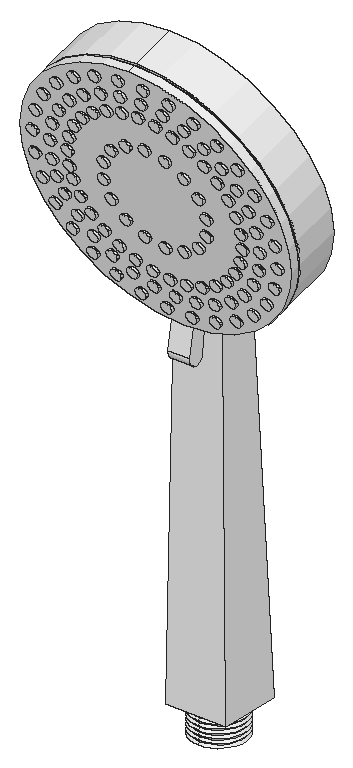
Revit family "Showerhead-American_Standard-Flowise-1660.641", category Plumbing Fixtures, Revit 2014
Parameters (values of type "1660.144")
  Width = 3 7/8"
  Waste Connection = no
  WFU = 4
  Vent Connection = no
  URL = "https://www.americanstandard-us.com/"
  Type Comments = ""
  Specification = "Hand Shower shall have at least 3 spray patterns. Hand Shower shall have a pressure compensating flow control device.\r\nHand Shower shall include check valve to prevent cross flow of hot and cold water."
  Product Page URL = "https://www.americanstandard-us.com/bathroom/shower-faucets/modern-3-function-hand-shower-23142"
  Product Documentation Link = "https://www.americanstandard-us.com/-/media/sites/asus/files/product-specs/bulk/specsheet1660144.pdf?la=en"
  Price = "Prices may vary. Please consult Manufacturer Representative for most up-to-date price list."  # constant formula
  NPT Connection Size = 3/4"
  Model = "1660.144"  # constant formula
  Material = "Brass-American Standard-002-Polished Chrome"
  Manufacturer = "American Standard"  # constant formula
  Height = 9 1/2"
  HWFU = 3
  HW Connection = no
  Flow Rate = "2.0gpm/ 7.6L/min."  # constant formula
  Finish = Brass-American Standard-002-Polished Chrome
  Description = "1660.144 Water Saving 3-Function Hand Shower"
  Default Elevation = 0"
  Creation Date = "5/30/2018"
  CWFU = 3
  CW Connection = no
  Assembly Code = "D2010700"
Reference planes (in)
  plane 1 "Center (Front/Back)": y = 0
  plane 2: z = 0
  plane 3 "Center (Left/Right)": x = 0
  plane 4: z = 9.5
  plane 5: x = 1.9375
  plane 6: x = -1.9375
Forms (in)
  Revolve 1, solid, material "Brass-American Standard-002-Polished Chrome" <- "Finish"
    sketch origin (0, 0, 0) x (0, 1, 0) y (0, 0, 1)
      loop
        line (0.31273, 0) -> (0.375, 0) -> (0.34386, 0.03114) -> (0.375, 0.06227) -> (0.34386, 0.09341) -> (0.375, 0.12455) -> (0.34386, 0.15569) -> (0.375, 0.18682) -> (0.34386, 0.21796) -> (0.375, 0.2491) -> (0.34386, 0.28024) -> (0.375, 0.31137) -> (0.34386, 0.34251) -> (0.375, 0.37365) -> (0.34386, 0.40479) -> (0.31273, 0.40479) -> (0.31273, 0)
      axis (0, 0) -> (0, 0.40479)
    angle from 0 to 360
  Blend 2, solid, material "Brass-American Standard-002-Polished Chrome" <- "Finish"
    base sketch origin (0, -0.10938, 0) x (1, 0, 0) y (0, 1, 0)
      loop
        line (-0.4375, 0.5612) -> (-0.4375, -0.3125) -> (0.4369, -0.3125) -> (0.4369, 0.5612) -> (-0.4375, 0.5612)
    top sketch origin (0, -0.10938, 0) x (1, 0, 0) y (0, 1, 0)
      loop
        line (-0.34672, 0.25326) -> (-0.34672, -0.27982) -> (0.37229, -0.27982) -> (0.37229, 0.25326) -> (-0.34672, 0.25326)
    from 0.40479 to 5.56223
  Sweep 3, solid, material "Brass-American Standard-002-Polished Chrome" <- "Finish"
    path origin (0, -1.54099, 8.92038) x (0, 0.258819, -0.965926) y (1, 0, 0)
      loop
        circle (1.4869, 0) r 1.9375
    profile origin (1.9375, -1.15615, 7.48414) x (-1, 0, 0) y (0, -0.965926, -0.258819)
      loop
        line (0, -0.79699) -> (1.17871, -0.79699) -> (1.17871, -0.00472) -> (0, -0.00472) -> (0, -0.13115) -> (0.0311, -0.13115) -> (0.0311, -0.16304) -> (0, -0.16304) -> (0, -0.79699)
  Blend 4, solid, material "Brass-American Standard-002-Polished Chrome" <- "Finish"
    base sketch origin (0, 3.00799, 5.56223) x (1, 0, 0) y (0, 1, 0)
      loop
        line (-0.34672, -2.8641) -> (-0.34672, -3.39718) -> (0.37229, -3.39718) -> (0.37229, -2.8641) -> (-0.34672, -2.8641)
    top sketch origin (0, 3.00799, 5.56223) x (1, 0, 0) y (0, 1, 0)
      loop
        line (-0.59601, -2.95824) -> (-0.59601, -3.50264) -> (0.59564, -3.50264) -> (0.59564, -2.95824) -> (-0.59601, -2.95824)
    from 0 to 0.37555
  Extrusion 5, solid, material "Brass-American Standard-002-Polished Chrome" <- "Finish"
    sketch origin (0, -1.63474, 9.29538) x (0, 0.258819, -0.965926) y (1, 0, 0)
      loop
        circle (1.87339, 0) r 0.75879
    from -0.79049 to 0.00179
  Extrusion 6, solid, material "Brass-American Standard-002-Polished Chrome" <- "Finish"
    sketch origin (0, -1.63474, 9.29538) x (0, 0.258819, -0.965926) y (1, 0, 0)
      loop
        circle (1.87339, -0.75) r 0.07931
      loop
        circle (1.5862, -0.69284) r 0.07931
      loop
        circle (1.34278, -0.53005) r 0.07931
      loop
        circle (1.18026, -0.28647) r 0.07931
      loop
        circle (1.12339, 0.00078) r 0.07931
      loop
        circle (1.18085, 0.28791) r 0.07931
      loop
        circle (1.34389, 0.53116) r 0.07931
      loop
        circle (1.58764, 0.69343) r 0.07931
      loop
        circle (1.87495, 0.75) r 0.07931
      loop
        circle (2.16202, 0.69224) r 0.07931
      loop
        circle (2.4051, 0.52895) r 0.07931
      loop
        circle (2.56712, 0.28503) r 0.07931
      loop
        circle (2.62339, -0.00234) r 0.07931
      loop
        circle (2.56533, -0.28935) r 0.07931
      loop
        circle (2.40179, -0.53226) r 0.07931
      loop
        circle (2.1577, -0.69402) r 0.07931
      loop
        circle (1.87339, -1.25) r 0.07931
      loop
        circle (1.62799, -1.22568) r 0.07931
      loop
        circle (1.39215, -1.15365) r 0.07931
      loop
        circle (1.17503, -1.03672) r 0.07931
      loop
        circle (0.98509, -0.87945) r 0.07931
      loop
        circle (0.82973, -0.68795) r 0.07931
      loop
        circle (0.71498, -0.46967) r 0.07931
      loop
        circle (0.64532, -0.23312) r 0.07931
      loop
        circle (0.62345, 0.01251) r 0.07931
      loop
        circle (0.65023, 0.25765) r 0.07931
      loop
        circle (0.72462, 0.49277) r 0.07931
      loop
        circle (0.84371, 0.7087) r 0.07931
      loop
        circle (1.00288, 0.89706) r 0.07931
      loop
        circle (1.19592, 1.0505) r 0.07931
      loop
        circle (1.41534, 1.16305) r 0.07931
      loop
        circle (1.65258, 1.23034) r 0.07931
      loop
        circle (1.89841, 1.24975) r 0.07931
      loop
        circle (2.14327, 1.22052) r 0.07931
      loop
        circle (2.37763, 1.14378) r 0.07931
      loop
        circle (2.59236, 1.02253) r 0.07931
      loop
        circle (2.77911, 0.86149) r 0.07931
      loop
        circle (2.93061, 0.66692) r 0.07931
      loop
        circle (3.04097, 0.44639) r 0.07931
      loop
        circle (3.10588, 0.20848) r 0.07931
      loop
        circle (3.12283, -0.03753) r 0.07931
      loop
        circle (3.09114, -0.28209) r 0.07931
      loop
        circle (3.01207, -0.51567) r 0.07931
      loop
        circle (2.88868, -0.72917) r 0.07931
      loop
        circle (2.72577, -0.9143) r 0.07931
      loop
        circle (2.52969, -1.06385) r 0.07931
      loop
        circle (2.30807, -1.17199) r 0.07931
      loop
        circle (2.06953, -1.23452) r 0.07931
      loop
        circle (1.87339, -1.5) r 0.07931
      loop
        circle (1.56785, -1.46855) r 0.07931
      loop
        circle (1.27512, -1.37553) r 0.07931
      loop
        circle (1.00748, -1.22483) r 0.07931
      loop
        circle (0.77615, -1.02277) r 0.07931
      loop
        circle (0.59082, -0.77783) r 0.07931
      loop
        circle (0.45927, -0.50027) r 0.07931
      loop
        circle (0.38702, -0.20174) r 0.07931
      loop
        circle (0.37709, 0.10525) r 0.07931
      loop
        circle (0.4299, 0.40783) r 0.07931
      loop
        circle (0.54323, 0.69331) r 0.07931
      loop
        circle (0.71234, 0.94972) r 0.07931
      loop
        circle (0.93013, 1.1663) r 0.07931
      loop
        circle (1.18748, 1.33399) r 0.07931
      loop
        circle (1.47358, 1.44574) r 0.07931
      loop
        circle (1.77645, 1.49686) r 0.07931
      loop
        circle (2.08338, 1.48523) r 0.07931
      loop
        circle (2.38151, 1.41132) r 0.07931
      loop
        circle (2.65833, 1.27823) r 0.07931
      loop
        circle (2.90224, 1.09155) r 0.07931
      loop
        circle (3.10301, 0.85909) r 0.07931
      loop
        circle (3.25222, 0.59062) r 0.07931
      loop
        circle (3.34362, 0.29738) r 0.07931
      loop
        circle (3.37337, -0.00833) r 0.07931
      loop
        circle (3.34022, -0.31369) r 0.07931
      loop
        circle (3.24557, -0.60589) r 0.07931
      loop
        circle (3.09339, -0.8727) r 0.07931
      loop
        circle (2.89005, -1.1029) r 0.07931
      loop
        circle (2.64408, -1.28687) r 0.07931
      loop
        circle (2.3658, -1.41687) r 0.07931
      loop
        circle (2.12937, -1.48747) r 0.07931
      loop
        circle (1.87339, -1.75) r 0.07931
      loop
        circle (1.50954, -1.71176) r 0.07931
      loop
        circle (1.1616, -1.5987) r 0.07931
      loop
        circle (0.84477, -1.41578) r 0.07931
      loop
        circle (0.57289, -1.17098) r 0.07931
      loop
        circle (0.35785, -0.875) r 0.07931
      loop
        circle (0.20904, -0.54078) r 0.07931
      loop
        circle (0.13298, -0.18292) r 0.07931
      loop
        circle (0.13298, 0.18292) r 0.07931
      loop
        circle (0.20904, 0.54078) r 0.07931
      loop
        circle (0.35785, 0.875) r 0.07931
      loop
        circle (0.57289, 1.17098) r 0.07931
      loop
        circle (0.84477, 1.41578) r 0.07931
      loop
        circle (1.1616, 1.5987) r 0.07931
      loop
        circle (1.50954, 1.71176) r 0.07931
      loop
        circle (1.87339, 1.75) r 0.07931
      loop
        circle (2.23724, 1.71176) r 0.07931
      loop
        circle (2.58518, 1.5987) r 0.07931
      loop
        circle (2.90201, 1.41578) r 0.07931
      loop
        circle (3.17389, 1.17098) r 0.07931
      loop
        circle (3.38893, 0.875) r 0.07931
      loop
        circle (3.53774, 0.54078) r 0.07931
      loop
        circle (3.6138, 0.18292) r 0.07931
      loop
        circle (3.6138, -0.18292) r 0.07931
      loop
        circle (3.53774, -0.54078) r 0.07931
      loop
        circle (3.38893, -0.875) r 0.07931
      loop
        circle (3.17389, -1.17098) r 0.07931
      loop
        circle (2.90201, -1.41578) r 0.07931
      loop
        circle (2.58518, -1.5987) r 0.07931
      loop
        circle (2.23724, -1.71176) r 0.07931
    from -0.12465 to 0.03146
  Extrusion 7, solid, material "Brass-American Standard-002-Polished Chrome" <- "Finish"
    sketch origin (0, 0, 0) x (0, 1, 0) y (0, 0, 1)
      loop
        line (-0.62044, 5.72904) -> (-0.70737, 5.23603)
        arc (-0.70737, 5.23603) -> (-0.61468, 5.10727) -> (-0.48838, 5.20331) r 0.11075
        line (-0.48838, 5.20331) -> (-0.42855, 5.69064) -> (-0.451, 5.77444) -> (-0.62044, 5.72904)
    from -0.1737 to 0.14441
Cuts and joins
  joined: Revolve 1, Blend 2, Sweep 3, Blend 4, Extrusion 5, Extrusion 6, Extrusion 7
Lines and regions (in)
  Masking region 1
    outline origin (0, 0, 0) x (1, 0, 0) y (0, 1, 0)
      loop
        line (-1.9375, -0.38612) -> (-1.9375, -1.15139)
        spline (-1.9375, -1.15139) -> (-1.92092, -1.21685) -> (-1.87148, -1.2812) -> (-1.79001, -1.34332) -> (-1.67792, -1.40216) -> (-1.53712, -1.45671) -> (-1.37002, -1.50603) -> (-1.17947, -1.54929) -> (-0.96875, -1.58574) -> (-0.74145, -1.61475) -> (-0.50146, -1.63584) -> (-0.25289, -1.64864) -> (0, -1.65293)
        spline (0, -1.65293) -> (0.25238, -1.64866) -> (0.50046, -1.63592) -> (0.74001, -1.61492) -> (0.96696, -1.58603) -> (1.17742, -1.54973) -> (1.36782, -1.50665) -> (1.53491, -1.45752) -> (1.67585, -1.40317) -> (1.78823, -1.34454) -> (1.87014, -1.28261) -> (1.92018, -1.21846) -> (1.9375, -1.15316)
        line (1.9375, -1.15316) -> (1.9375, -0.38695)
        spline (1.9375, -0.38695) -> (1.92537, -0.33089) -> (1.88914, -0.27554) -> (1.82926, -0.22158) -> (1.74648, -0.16969) -> (1.64183, -0.12052) -> (1.51664, -0.07469) -> (1.37245, -0.03277) -> (1.21109, 0.00472) -> (1.03456, 0.03731) -> (0.84508, 0.06459) -> (0.64502, 0.08621) -> (0.43689, 0.10191)
        line (0.43689, 0.10191) -> (0.43689, 0.45183) -> (-0.4375, 0.45183) -> (-0.4375, 0.1023)
        spline (-0.4375, 0.1023) -> (-0.64556, 0.0866) -> (-0.84555, 0.06499) -> (-1.03496, 0.03773) -> (-1.21141, 0.00516) -> (-1.37271, -0.03229) -> (-1.51683, -0.07418) -> (-1.64197, -0.11997) -> (-1.74657, -0.16909) -> (-1.82931, -0.22092) -> (-1.88916, -0.27483) -> (-1.92538, -0.33012) -> (-1.9375, -0.38612)
  symbolic lines, detail levels fine
    curve 1: spline (1.26728, -1.40698, 0) -> (0.96392, -1.46255, 0) -> (0.62504, -1.50212, 0) -> (0.26314, -1.52424, 0) -> (-0.10846, -1.52809, 0) -> (-0.47607, -1.51354, 0) -> (-0.82613, -1.48111, 0) -> (-1.14576, -1.432, 0) -> (-1.42317, -1.36802, 0) -> (-1.64815, -1.29153, 0) -> (-1.8124, -1.20535, 0) -> (-1.90988, -1.11265, 0) -> (-1.93698, -1.01684, 0)
    curve 2: spline (0, -1.52888, 0) -> (0.25514, -1.52452, 0) -> (0.50584, -1.51152, 0) -> (0.74774, -1.49011, 0) -> (0.9766, -1.46066, 0) -> (1.18846, -1.42367, 0) -> (1.37962, -1.37981, 0) -> (1.54675, -1.32982, 0) -> (1.68693, -1.27459, 0) -> (1.79774, -1.21507, 0) -> (1.87723, -1.1523, 0) -> (1.92403, -1.08737, 0) -> (1.93731, -1.02141, 0)
  symbolic lines, detail levels medium+fine
    curve 3: spline (0, -0.88777, 0) -> (-0.25274, -0.88349, 0) -> (-0.50116, -0.87071, 0) -> (-0.74101, -0.84965, 0) -> (-0.96821, -0.82067, 0) -> (-1.17885, -0.78427, 0) -> (-1.36935, -0.74107, 0) -> (-1.53645, -0.6918, 0) -> (-1.6773, -0.63732, 0) -> (-1.78948, -0.57855, 0) -> (-1.87108, -0.51649, 0) -> (-1.9207, -0.45221, 0) -> (-1.9375, -0.3868, 0)
    curve 4: spline (0, 0.11515, 0) -> (0.03667, 0.11506, 0) -> (0.07333, 0.11479, 0) -> (0.10997, 0.11434, 0) -> (0.14656, 0.11372, 0) -> (0.18311, 0.11291, 0) -> (0.21958, 0.11192, 0) -> (0.25598, 0.11076, 0) -> (0.29229, 0.10941, 0) -> (0.32849, 0.10789, 0) -> (0.36457, 0.1062, 0) -> (0.40053, 0.10432, 0) -> (0.43634, 0.10227, 0)
    curve 5: spline (1.93749, -0.38791, 0) -> (1.92017, -0.45322, 0) -> (1.87014, -0.51739, 0) -> (1.78823, -0.57932, 0) -> (1.67585, -0.63797, 0) -> (1.53492, -0.69232, 0) -> (1.36782, -0.74146, 0) -> (1.17742, -0.78455, 0) -> (0.96696, -0.82086, 0) -> (0.74002, -0.84975, 0) -> (0.50046, -0.87075, 0) -> (0.25238, -0.8835, 0) -> (0, -0.88777, 0)
    curve 6: spline (-0.43775, 0.10219, 0) -> (-0.40183, 0.10425, 0) -> (-0.36576, 0.10614, 0) -> (-0.32956, 0.10785, 0) -> (-0.29324, 0.10938, 0) -> (-0.25682, 0.11073, 0) -> (-0.2203, 0.1119, 0) -> (-0.18371, 0.11289, 0) -> (-0.14705, 0.11371, 0) -> (-0.11033, 0.11434, 0) -> (-0.07358, 0.11479, 0) -> (-0.03679, 0.11506, 0) -> (0, 0.11515, 0)
    curve 7: line (0.37229, 0.14389, 0) -> (0.43634, 0.10227, 0)
    curve 8: line (-0.4375, 0.45183, 0) -> (-0.34672, 0.14389, 0)
    curve 9: line (0.37229, 0.14389, 0) -> (0.4369, 0.45183, 0)
    curve 10: line (-0.43775, 0.10219, 0) -> (-0.34672, 0.14389, 0)
Dimensions and locks (in)
  "Height": plane 4 to level
  equal spacing: plane 5, plane 3 "Center (Left/Right)", plane 6
  "Width": plane 5 to plane 6
  plane 6 to plane 5 = 3 7/8"
  aligned and locked: Extrusion 5 sketch curve to Sweep 3
  aligned and locked: Extrusion 5 to Sweep 3
  aligned and locked: curve 8 to cut or joined group of Revolve 1, Blend 2, Sweep 3, Blend 4, Extrusion 5, Extrusion 6, Extrusion 7
  aligned and locked: curve 9 to cut or joined group of Revolve 1, Blend 2, Sweep 3, Blend 4, Extrusion 5, Extrusion 6, Extrusion 7
  aligned and locked: Masking region 1 sketch curve to cut or joined group of Revolve 1, Blend 2, Sweep 3, Blend 4, Extrusion 5, Extrusion 6, Extrusion 7
  aligned and locked: cut or joined group of Revolve 1, Blend 2, Sweep 3, Blend 4, Extrusion 5, Extrusion 6, Extrusion 7 to Masking region 1 sketch curve
Automatic sketch dimensions
  Blend 2 sketch curve to plane 3 "Center (Left/Right)" = 7/16"
  plane 3 "Center (Left/Right)" to Blend 2 sketch curve = 0.4369"
  plane 1 "Center (Front/Back)" to Blend 2 sketch curve = 27/64"
  Blend 2 sketch curve to plane 1 "Center (Front/Back)" = 0.45183"
  Blend 2 sketch curve to plane 3 "Center (Left/Right)" = 0.34672"
  plane 3 "Center (Left/Right)" to Blend 2 sketch curve = 0.37229"
  plane 1 "Center (Front/Back)" to Blend 2 sketch curve = 0.38919"
  Blend 2 sketch curve to plane 1 "Center (Front/Back)" = 0.14389"
  Sweep 3 sketch curve to plane 3 "Center (Left/Right)" = 0"
  Blend 4 sketch curve to Blend 2 = 0"  (x3)
  Blend 2 to Blend 4 sketch curve = 0"
  Blend 2 to Blend 4 sketch curve = 27/256"
  Blend 2 to Blend 4 sketch curve = 0.24929"
  Blend 2 to Blend 4 sketch curve = 0.22335"
  Blend 4 sketch curve to Blend 2 = 0.09414"
  Sweep 3 sketch curve to profile plane = 0.00472"
  Sweep 3 sketch curve to Sweep 3 sketch curve = 0.66584"
  profile plane to Sweep 3 sketch curve = 0"
  Sweep 3 sketch curve to Sweep 3 sketch curve = 0.03188"
  Sweep 3 sketch curve to profile plane = 0.0311"
  Sweep 3 sketch curve to Sweep 3 sketch curve = 1.14761"
  Sweep 3 sketch curve to Sweep 3 sketch curve = 0.12644"
  Sweep 3 sketch curve to profile plane = 0"
  plane 3 "Center (Left/Right)" to Extrusion 6 sketch curve = 0.18292"  (x2)
  Extrusion 6 sketch curve to plane 3 "Center (Left/Right)" = 0.18292"  (x2)
  Extrusion 6 sketch curve to Extrusion 6 sketch curve = 0"  (x2)
  Extrusion 6 sketch curve to Extrusion 6 sketch curve = 0.07606"  (x2)
  Extrusion 6 sketch curve to Extrusion 6 sketch curve = 0.1488"  (x2)
  plane 3 "Center (Left/Right)" to Extrusion 6 sketch curve = 0.10525"
  Extrusion 6 sketch curve to Extrusion 6 sketch curve = 0.24411"
  Extrusion 6 sketch curve to Extrusion 6 sketch curve = 0.25404"
  Extrusion 6 sketch curve to Extrusion 6 sketch curve = 0.22086"
  Extrusion 6 sketch curve to Extrusion 6 sketch curve = 0.25023"
  Extrusion 6 sketch curve to Extrusion 6 sketch curve = 0.18539"
  Extrusion 6 sketch curve to Extrusion 6 sketch curve = 0.21504"  (x2)
  Extrusion 6 sketch curve to Extrusion 6 sketch curve = 0.23298"
  plane 3 "Center (Left/Right)" to Extrusion 6 sketch curve = 0.01251"
  Extrusion 6 sketch curve to Extrusion 6 sketch curve = 0.24637"
  Extrusion 6 sketch curve to Extrusion 6 sketch curve = 0.02187"
  Extrusion 6 sketch curve to Extrusion 6 sketch curve = 0.02678"
  Extrusion 6 sketch curve to Extrusion 6 sketch curve = 0.13945"
  Extrusion 6 sketch curve to Extrusion 6 sketch curve = 0.06966"
  Extrusion 6 sketch curve to Extrusion 6 sketch curve = 0.07438"
  Extrusion 6 sketch curve to Extrusion 6 sketch curve = 0.20326"
  Extrusion 6 sketch curve to Extrusion 6 sketch curve = 0.11475"
  Extrusion 6 sketch curve to Extrusion 6 sketch curve = 0.11909"
  Extrusion 6 sketch curve to Extrusion 6 sketch curve = 0.27188"  (x2)
  Extrusion 6 sketch curve to Extrusion 6 sketch curve = 0.08537"
  Extrusion 6 sketch curve to Extrusion 6 sketch curve = 0.15537"
  Extrusion 6 sketch curve to Extrusion 6 sketch curve = 0.15917"
  Extrusion 6 sketch curve to Extrusion 6 sketch curve = 0.16272"
  plane 3 "Center (Left/Right)" to Extrusion 6 sketch curve = 0.00078"
  Extrusion 6 sketch curve to Extrusion 6 sketch curve = 0.49994"
  Extrusion 6 sketch curve to Extrusion 6 sketch curve = 0.31684"  (x2)
  Extrusion 6 sketch curve to Extrusion 6 sketch curve = 0.18994"
  Extrusion 6 sketch curve to Extrusion 6 sketch curve = 0.05687"
  Extrusion 6 sketch curve to Extrusion 6 sketch curve = 0.05746"
  Extrusion 6 sketch curve to Extrusion 6 sketch curve = 0.02587"
  Extrusion 6 sketch curve to Extrusion 6 sketch curve = 0.19305"
  Extrusion 6 sketch curve to Extrusion 6 sketch curve = 0.11352"
  Extrusion 6 sketch curve to Extrusion 6 sketch curve = 0.16253"
  Extrusion 6 sketch curve to Extrusion 6 sketch curve = 0.16303"
  Extrusion 6 sketch curve to Extrusion 6 sketch curve = 0.21712"
  Extrusion 6 sketch curve to Extrusion 6 sketch curve = 0.21941"
  Extrusion 6 sketch curve to Extrusion 6 sketch curve = 0.05824"
  Extrusion 6 sketch curve to Extrusion 6 sketch curve = 0.34794"
  Extrusion 6 sketch curve to Extrusion 6 sketch curve = 0.03597"
  Extrusion 6 sketch curve to Extrusion 6 sketch curve = 0.05831"
  Extrusion 6 sketch curve to Extrusion 6 sketch curve = 0.24341"
  Extrusion 6 sketch curve to Extrusion 6 sketch curve = 0.24375"
  Extrusion 6 sketch curve to Extrusion 6 sketch curve = 0.23585"
  Extrusion 6 sketch curve to Extrusion 6 sketch curve = 0.23724"
  Extrusion 6 sketch curve to Extrusion 6 sketch curve = 0.12387"
  Extrusion 6 sketch curve to Extrusion 6 sketch curve = 0.36385"
  Extrusion 6 sketch curve to Extrusion 6 sketch curve = 0.2454"
  Extrusion 6 sketch curve to Extrusion 6 sketch curve = 0.28719"
  Extrusion 6 sketch curve to Extrusion 6 sketch curve = 0.09694"
  Extrusion 6 sketch curve to Extrusion 6 sketch curve = 0.28731"
  Extrusion 6 sketch curve to Extrusion 6 sketch curve = 0.24583"
  Extrusion 6 sketch curve to Extrusion 6 sketch curve = 0.19614"
  Extrusion 6 sketch curve to Extrusion 6 sketch curve = 0.18496"
  Extrusion 6 sketch curve to Extrusion 6 sketch curve = 0.25598"
  Extrusion 6 sketch curve to Extrusion 6 sketch curve = 0.24486"
  Extrusion 6 sketch curve to Extrusion 6 sketch curve = 0.28431"
  Extrusion 6 sketch curve to Extrusion 6 sketch curve = 0.28707"
  Extrusion 6 sketch curve to Extrusion 6 sketch curve = 0.10786"
  Extrusion 6 sketch curve to Extrusion 6 sketch curve = 0.15386"
  Extrusion 6 sketch curve to Extrusion 6 sketch curve = 0.23854"
  Extrusion 6 sketch curve to Extrusion 6 sketch curve = 0.23643"
  Extrusion 6 sketch curve to Extrusion 6 sketch curve = 15/64"
  Extrusion 6 sketch curve to Extrusion 6 sketch curve = 0.00387"
  Extrusion 6 sketch curve to Extrusion 6 sketch curve = 0.24409"
  Extrusion 6 sketch curve to Extrusion 6 sketch curve = 0.24307"
  Extrusion 6 sketch curve to Extrusion 6 sketch curve = 0.22162"
  Extrusion 6 sketch curve to Extrusion 6 sketch curve = 0.16354"
  Extrusion 6 sketch curve to Extrusion 6 sketch curve = 0.16202"
  Extrusion 6 sketch curve to Extrusion 6 sketch curve = 0.20367"
  Extrusion 6 sketch curve to Extrusion 6 sketch curve = 0.21938"
  Extrusion 6 sketch curve to Extrusion 6 sketch curve = 0.21473"
  Extrusion 6 sketch curve to plane 3 "Center (Left/Right)" = 0.00234"
  Extrusion 6 sketch curve to Extrusion 6 sketch curve = 0.05627"
  Extrusion 6 sketch curve to Extrusion 6 sketch curve = 0.1144"
  Extrusion 6 sketch curve to Extrusion 6 sketch curve = 0.06596"
  Extrusion 6 sketch curve to Extrusion 6 sketch curve = 0.19608"
  Extrusion 6 sketch curve to Extrusion 6 sketch curve = 0.18675"
  Extrusion 6 sketch curve to Extrusion 6 sketch curve = 0.16291"
  Extrusion 6 sketch curve to Extrusion 6 sketch curve = 0.16428"
  Extrusion 6 sketch curve to Extrusion 6 sketch curve = 0.24369"
  Extrusion 6 sketch curve to Extrusion 6 sketch curve = 0.25793"
  Extrusion 6 sketch curve to Extrusion 6 sketch curve = 0.12312"
  Extrusion 6 sketch curve to Extrusion 6 sketch curve = 0.1515"
  Extrusion 6 sketch curve to Extrusion 6 sketch curve = 0.12339"
  Extrusion 6 sketch curve to Extrusion 6 sketch curve = 0.11035"
  Extrusion 6 sketch curve to Extrusion 6 sketch curve = 0.07908"
  Extrusion 6 sketch curve to Extrusion 6 sketch curve = 0.20472"
  Extrusion 6 sketch curve to Extrusion 6 sketch curve = 0.17239"
  Extrusion 6 sketch curve to Extrusion 6 sketch curve = 0.06491"
  Extrusion 6 sketch curve to plane 3 "Center (Left/Right)" = 0.03753"
  Extrusion 6 sketch curve to Extrusion 6 sketch curve = 0.03168"
  Extrusion 6 sketch curve to Extrusion 6 sketch curve = 0.27166"
  Extrusion 6 sketch curve to Extrusion 6 sketch curve = 0.28384"
  Extrusion 6 sketch curve to Extrusion 6 sketch curve = 0.23351"
  Extrusion 6 sketch curve to Extrusion 6 sketch curve = 0.21125"
  Extrusion 6 sketch curve to Extrusion 6 sketch curve = 0.24908"
  Extrusion 6 sketch curve to Extrusion 6 sketch curve = 0.23774"
  Extrusion 6 sketch curve to plane 3 "Center (Left/Right)" = 0.00833"
  Extrusion 6 sketch curve to Extrusion 6 sketch curve = 0.25054"
  Extrusion 6 sketch curve to Extrusion 6 sketch curve = 0.29554"
  Extrusion 6 sketch curve to Extrusion 6 sketch curve = 0.28593"
  Extrusion 6 sketch curve to Extrusion 6 sketch curve = 0.29216"
  Extrusion 6 sketch curve to Extrusion 6 sketch curve = 0.28552"
  Extrusion 6 sketch curve to Extrusion 6 sketch curve = 0.24044"
  Extrusion 6 sketch curve to Extrusion 6 sketch curve = 0.27019"
  Extrusion 6 sketch curve to plane 3 "Center (Left/Right)" = 0.20174"
  Extrusion 6 sketch curve to plane 3 "Center (Left/Right)" = 0.23312"
  Extrusion 6 sketch curve to Extrusion 6 sketch curve = 0.24456"
  Extrusion 6 sketch curve to plane 3 "Center (Left/Right)" = 0.28647"
  Extrusion 6 sketch curve to plane 3 "Center (Left/Right)" = 0.28935"
  Extrusion 6 sketch curve to Extrusion 6 sketch curve = 0.0316"
  Extrusion 6 sketch curve to Extrusion 6 sketch curve = 0.23656"
  Extrusion 6 sketch curve to Extrusion 6 sketch curve = 0.0306"
  Extrusion 6 sketch curve to Extrusion 6 sketch curve = 0.23358"
  Extrusion 6 sketch curve to Extrusion 6 sketch curve = 0.24358"
  Extrusion 6 sketch curve to Extrusion 6 sketch curve = 0.2429"
  Extrusion 6 sketch curve to Extrusion 6 sketch curve = 0.22709"
  Extrusion 6 sketch curve to Extrusion 6 sketch curve = 0.04051"
  Extrusion 6 sketch curve to Extrusion 6 sketch curve = 0.09023"
  Extrusion 6 sketch curve to Extrusion 6 sketch curve = 0.21828"
  Extrusion 6 sketch curve to Extrusion 6 sketch curve = 0.16278"
  Extrusion 6 sketch curve to Extrusion 6 sketch curve = 0.16177"
  Extrusion 6 sketch curve to Extrusion 6 sketch curve = 0.21351"
  Extrusion 6 sketch curve to Extrusion 6 sketch curve = 0.05598"
  Extrusion 6 sketch curve to Extrusion 6 sketch curve = 0.08988"
  Extrusion 6 sketch curve to Extrusion 6 sketch curve = 0.14352"
  Extrusion 6 sketch curve to Extrusion 6 sketch curve = 0.0023"
  Extrusion 6 sketch curve to Extrusion 6 sketch curve = 0.09717"
  Extrusion 6 sketch curve to Extrusion 6 sketch curve = 0.1915"
  Extrusion 6 sketch curve to Extrusion 6 sketch curve = 0.18513"
  Extrusion 6 sketch curve to Extrusion 6 sketch curve = 0.14332"
  Extrusion 6 sketch curve to Extrusion 6 sketch curve = 0.15727"
  Extrusion 6 sketch curve to Extrusion 6 sketch curve = 0.14954"
  Extrusion 6 sketch curve to Extrusion 6 sketch curve = 0.1886"
  Extrusion 6 sketch curve to Extrusion 6 sketch curve = 0.11693"
  Extrusion 6 sketch curve to Extrusion 6 sketch curve = 0.06807"
  Extrusion 6 sketch curve to Extrusion 6 sketch curve = 0.14821"
  Extrusion 6 sketch curve to Extrusion 6 sketch curve = 0.10814"
  Extrusion 6 sketch curve to Extrusion 6 sketch curve = 0.18811"
  Extrusion 6 sketch curve to Extrusion 6 sketch curve = 0.07203"
  Extrusion 6 sketch curve to Extrusion 6 sketch curve = 0.06253"
  Extrusion 6 sketch curve to Extrusion 6 sketch curve = 0.01548"
  Extrusion 6 sketch curve to Extrusion 6 sketch curve = 0.22302"
  Extrusion 6 sketch curve to Extrusion 6 sketch curve = 0.22188"
  Extrusion 6 sketch curve to Extrusion 6 sketch curve = 0.19095"
  Extrusion 6 sketch curve to Extrusion 6 sketch curve = 33/256"
  Extrusion 6 sketch curve to Extrusion 6 sketch curve = 0.24489"
  Extrusion 6 sketch curve to Extrusion 6 sketch curve = 0.24288"
  Extrusion 6 sketch curve to Extrusion 6 sketch curve = 0.0706"
  Extrusion 6 sketch curve to Extrusion 6 sketch curve = 1/4"  (x2)
  Extrusion 6 sketch curve to Extrusion 6 sketch curve = 0.22318"
  Extrusion 6 sketch curve to Extrusion 6 sketch curve = 0.18183"
  Extrusion 6 sketch curve to Extrusion 6 sketch curve = 0.22429"
  Extrusion 6 sketch curve to Extrusion 6 sketch curve = 0.24321"
  plane 3 "Center (Left/Right)" to Extrusion 6 sketch curve = 0.20848"
  Extrusion 6 sketch curve to Extrusion 6 sketch curve = 0.24514"
  plane 3 "Center (Left/Right)" to Extrusion 6 sketch curve = 0.28503"
  plane 3 "Center (Left/Right)" to Extrusion 6 sketch curve = 0.28791"
  Extrusion 6 sketch curve to Extrusion 6 sketch curve = 0.0889"
  Extrusion 6 sketch curve to Extrusion 6 sketch curve = 0.15018"
  Extrusion 6 sketch curve to Extrusion 6 sketch curve = 0.2379"
  Extrusion 6 sketch curve to Extrusion 6 sketch curve = 0.23511"
  Extrusion 6 sketch curve to Extrusion 6 sketch curve = 0.24392"
  Extrusion 6 sketch curve to Extrusion 6 sketch curve = 0.24324"
  Extrusion 6 sketch curve to Extrusion 6 sketch curve = 0.13295"
  Extrusion 6 sketch curve to Extrusion 6 sketch curve = 0.2434"
  Extrusion 6 sketch curve to Extrusion 6 sketch curve = 0.14423"
  Extrusion 6 sketch curve to Extrusion 6 sketch curve = 0.22053"
  Extrusion 6 sketch curve to Extrusion 6 sketch curve = 0.16329"
  Extrusion 6 sketch curve to Extrusion 6 sketch curve = 0.20054"
  Extrusion 6 sketch curve to Extrusion 6 sketch curve = 0.16227"
  Extrusion 6 sketch curve to Extrusion 6 sketch curve = 0.21594"
  Extrusion 6 sketch curve to Extrusion 6 sketch curve = 0.05776"
  Extrusion 6 sketch curve to Extrusion 6 sketch curve = 0.19218"
  Extrusion 6 sketch curve to Extrusion 6 sketch curve = 0.19457"
  Extrusion 6 sketch curve to Extrusion 6 sketch curve = 0.01591"
  Extrusion 6 sketch curve to Extrusion 6 sketch curve = 0.18169"
  Extrusion 6 sketch curve to Extrusion 6 sketch curve = 0.18835"
  Extrusion 6 sketch curve to Extrusion 6 sketch curve = 0.24102"
  Extrusion 6 sketch curve to Extrusion 6 sketch curve = 0.16105"
  Extrusion 6 sketch curve to Extrusion 6 sketch curve = 0.15344"
  Extrusion 6 sketch curve to Extrusion 6 sketch curve = 0.23006"
  Extrusion 6 sketch curve to Extrusion 6 sketch curve = 0.12125"
  Extrusion 6 sketch curve to Extrusion 6 sketch curve = 0.11256"
  Extrusion 6 sketch curve to Extrusion 6 sketch curve = 0.26925"
  Extrusion 6 sketch curve to Extrusion 6 sketch curve = 0.07943"
  Extrusion 6 sketch curve to Extrusion 6 sketch curve = 0.22126"
  Extrusion 6 sketch curve to Extrusion 6 sketch curve = 0.07673"
  Extrusion 6 sketch curve to Extrusion 6 sketch curve = 0.06729"
  Extrusion 6 sketch curve to Extrusion 6 sketch curve = 0.02923"
  Extrusion 6 sketch curve to Extrusion 6 sketch curve = 0.2557"
  Extrusion 6 sketch curve to Extrusion 6 sketch curve = 0.28349"
  Extrusion 6 sketch curve to Extrusion 6 sketch curve = 0.26753"
  Extrusion 6 sketch curve to Extrusion 6 sketch curve = 0.24948"
  Extrusion 6 sketch curve to Extrusion 6 sketch curve = 0.13755"
  Extrusion 6 sketch curve to Extrusion 6 sketch curve = 0.21539"
  Extrusion 6 sketch curve to Extrusion 6 sketch curve = 0.26471"
  Extrusion 6 sketch curve to Extrusion 6 sketch curve = 0.24711"
  Extrusion 6 sketch curve to Extrusion 6 sketch curve = 0.18739"
  Extrusion 6 sketch curve to Extrusion 6 sketch curve = 0.26472"
  Extrusion 6 sketch curve to Extrusion 6 sketch curve = 0.26602"
  Extrusion 6 sketch curve to Extrusion 6 sketch curve = 0.22653"
  Extrusion 6 sketch curve to Extrusion 6 sketch curve = 0.25314"
  plane 1 "Center (Front/Back)" to Extrusion 7 sketch curve = 0.70737"
  Extrusion 7 sketch curve to Extrusion 7 sketch curve = 0.08693"
  Extrusion 7 sketch curve to Extrusion 7 sketch curve = 0.10907"
  Extrusion 7 sketch curve to Extrusion 7 sketch curve = 0.10992"
  Extrusion 7 sketch curve to plane 4 = 4.29669"
  Extrusion 7 sketch curve to Extrusion 7 sketch curve = 0.0135"
  Extrusion 7 sketch curve to Extrusion 7 sketch curve = 0.0384"
  Extrusion 7 sketch curve to Extrusion 7 sketch curve = 0.02245"
  Extrusion 7 sketch curve to Extrusion 7 sketch curve = 0.0838"
  Extrusion 7 sketch curve to Extrusion 7 sketch curve = 0.48734"
  Revolve 1 sketch curve to plane 1 "Center (Front/Back)" = 0"
  Revolve 1 sketch curve to level = 0"
  Revolve 1 sketch curve to plane 1 "Center (Front/Back)" = 0.31273"
  Revolve 1 sketch curve to Revolve 1 sketch curve = 0.03114"  (x5)
  Revolve 1 sketch curve to Revolve 1 sketch curve = 0"  (x4)
  level to Revolve 1 sketch curve = 0.03114"
  Revolve 1 sketch curve to Revolve 1 sketch curve = 0.08805"
  level to Revolve 1 sketch curve = 0.18682"
  level to Revolve 1 sketch curve = 0.12455"
  level to Revolve 1 sketch curve = 0.2491"
  level to Revolve 1 sketch curve = 0.06227"
  level to Revolve 1 sketch curve = 0.37365"
  Revolve 1 sketch curve to Revolve 1 sketch curve = 0.09431"
  Masking region 1 sketch curve to plane 6 = 0"
  plane 6 to Masking region 1 sketch curve = 0"
  plane 3 "Center (Left/Right)" to Masking region 1 sketch curve = 0"  (x2)
  plane 5 to Masking region 1 sketch curve = 0"  (x2)
  Masking region 1 sketch curve to Masking region 1 sketch curve = 0.50138"
  Masking region 1 sketch curve to Masking region 1 sketch curve = 0.76444"
  Masking region 1 sketch curve to Masking region 1 sketch curve = 0.00016"
  Masking region 1 sketch curve to plane 1 "Center (Front/Back)" = 0.1023"
  plane 1 "Center (Front/Back)" to Masking region 1 sketch curve = 1.15139"
  Masking region 1 sketch curve to plane 1 "Center (Front/Back)" = 0.10191"
  plane 3 "Center (Left/Right)" to Masking region 1 sketch curve = 0.43689"
  Masking region 1 sketch curve to Masking region 1 sketch curve = 0.00083"
  curve 4 to plane 6 = 0"
  curve 5 to plane 6 = 0"
  curve 4 to plane 3 "Center (Left/Right)" = 0"
  curve 5 to plane 3 "Center (Left/Right)" = 0"
  curve 3 to plane 5 = 0"
  curve 6 to plane 5 = 0"
  curve 10 to plane 1 "Center (Front/Back)" = 0.10219"
  curve 2 to plane 6 = 0"
  plane 6 to curve 3 = 0"
  plane 6 to curve 1 = 0.00052"
  curve 2 to plane 3 "Center (Left/Right)" = 0"
  curve 1 to plane 3 "Center (Left/Right)" = 0"
  curve 7 to curve 4 = 0.06405"
  curve 7 to plane 1 "Center (Front/Back)" = 0.10227"
  curve 7 to curve 9 = 0.06462"
  curve 1 to plane 5 = 0.67022"
  curve 2 to plane 5 = 0.00019"
  curve 5 to plane 5 = 0"
  curve 1 to plane 5 = 0"
  curve 4 to curve 3 = 0"
  curve 6 to curve 3 = 0"
  curve 5 to curve 4 = 0"
  curve 3 to curve 5 = 0.00049"
  curve 1 to curve 3 = 0.63005"
  curve 2 to curve 5 = 0.6335"
  curve 1 to curve 5 = 0.14067"
  curve 2 to curve 1 = 0.01161"
  curve 10 to plane 3 "Center (Left/Right)" = 0.43775"
  curve 10 to plane 1 "Center (Front/Back)" = 0.14389"
  curve 9 to plane 1 "Center (Front/Back)" = 0.14389"
  curve 8 to curve 8 = 0.09078"
  radius of Sweep 3 sketch curve = 1 15/16"
  radius of Extrusion 6 sketch curve = 0.07931"  (x109)
Connectors (in)
  piping at (0, 0, 0), diameter 0.75, driven by "NPT Connection Size"
    settings: on cut or joined group of Revolve 1, Blend 2, Sweep 3, Blend 4, Extrusion 5, Extrusion 6, Extrusion 7, index 1, connector inside diameter 24", connector length 0", flow factor 0, pipe flow 0 GPM, pressure drop 0.00 psi, fitting loss kfactor 0, connector angle 0.00°, fixture units 0, engagement length 0", angle of deflection 0.00°, flow configuration 0, flow direction 1, fitting loss method 0, system type 29, joint type 0, gender type 0, connector reference index -1, connector utility 0, adjustable connector no, is connector primary yes, connector description "3/4\" Global Inlet Connection"
